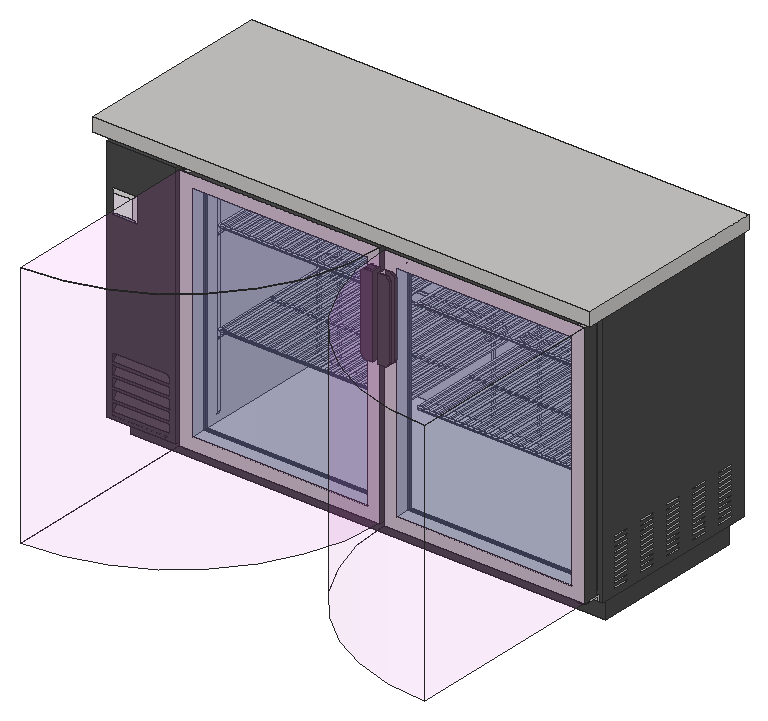
Revit family "QF_Kelvinator_738273_KCHBB60G", category Specialty Equipment, Revit 2021
Family settings
  Round Connector Dimension = Use Diameter
  Part Type = Normal
  Work Plane-Based = No
  Always vertical = Yes
  Cut with Voids When Loaded = No
  Shared = No
  Room Calculation Point = No
Parameters
  Weight in Pounds = 260.145
  Weight = 130.00 lbm
  Watts = 0 W
  Volts = 115 V
  URL Manufacturer = "KELVINATOR"
  URL Cutsheet = ""
  URL = "KELVINATOR"
  Specification by User = ""
  Specification by Manufacturer = ""
  Serial Number = ""
  Seismic Rating = ""
  SMACNA No = ""
  Revision Code = ""
  Refrigerant Type = "R290"
  Phase = 1
  Number of Poles = 1
  NAFEM Spec ID Number = ""
  Model = "KCHBB60G"
  Min Ckt Ampacity = 0 A
  Max Overcurrent Protection = 0 A
  Masterspec = ""
  Manufacturer = "Kelvinator"
  Length Actual = 1551"
  Length = 61 1/16"
  Item Number = "738273"
  Installed By = ""
  Identify Quantity as Lot = yes
  Height Actual = 920"
  Height = 36 1/4"
  HP = "0.4 HP"
  Gas KW = 0
  Furnished By = ""
  Foodservice Equipment Identifier = yes
  FL Amps = 3 A
  Electrical Remarks = ""
  Electric Connection Type = ""
  Elec Conn RI Height = 0"
  Elec Conn Connection Height = 0"
  Description = "2-GLASS DOOR BACK BAR REFRIGERATOR BLACK 61\" LONG"
  Depth Actual = 620"
  Depth = 24 7/16"
  Default Elevation = 0"
  Cycle = 60 Hz
  Conn Plug = "5-15P"
  Conn Conduit = yes
  CSI MasterFormat = ""
  Apparent Power = 0 VA
  Accessory = no
Reference planes (in)
  plane 1 "BACK": y = 0
  plane 2: z = 0
  plane 3 "LEFT": x = 0
  plane 4 "RIGHT": x = 61.0625
  plane 5 "FRONT": y = -24.4375
  plane 6 "TOP": z = 36.25
  plane 7 "Center Y": x = 30.53125
  plane 8 "Center X": y = -12.21875
Dimensions and locks (in)
  equal spacing: plane 3 "LEFT", plane 7 "Center Y", plane 4 "RIGHT"
  "Length": plane 3 "LEFT" to plane 4 "RIGHT"
  equal spacing: plane 5 "FRONT", plane 8 "Center X", plane 1 "BACK"
  "Depth": plane 5 "FRONT" to plane 1 "BACK"
  "Height": plane 6 "TOP" to level
  aligned and locked: level to plane 2
Nested families (in)
  nested 1: "KCHBB48S" at (0, 0, 0), type "KCHBB48S"
    with Show Clearance yes
Connectors (in)
  electrical at (30.53125, -0.715, 2.1875), driven by "Volts", driven by "Watts"
    settings: on nested 1, index 1, voltage 115 V, apparent load 0 VA, apparent load phase1 0 VA, apparent load phase2 0 VA, apparent load phase3 0 VA, power factor 1, load classification "Other", number of poles 1, system type 30, power factor state 1, is connector primary yes, connector utility no, sub classification motor no, connector description ""
Definition of nested family "KCHBB48S"
  Parameters (values of type "KCHBB48S")
    Weight in Pounds = 0
    URL Cutsheet = ""
    Specification by User = ""
    Specification by Manufacturer = ""
    Show Clearance [instance] = yes
    Serial Number = ""
    Seismic Rating = ""
    SMACNA No = ""
    Revision Code = ""
    NAFEM Spec ID Number = ""
    Masterspec = ""
    Length = 61 1/16"
    Item Number = ""
    Installed By = ""
    Identify Quantity as Lot = yes
    Height = 36 1/4"
    Furnished By = ""
    Foodservice Equipment Identifier = yes
    Depth = 24 7/16"
    Default Elevation = 0"
    CSI MasterFormat = ""
  Reference planes (in)
    plane 1 "BACK": y = 0
    plane 2: z = 0
    plane 3 "LEFT": x = 0
    plane 4 "RIGHT": x = 61.0625
    plane 5 "FRONT": y = -24.4375
    plane 6 "TOP": z = 36.25
    plane 7 "Center Y": x = 30.53125
    plane 8 "Center X": y = -12.21875
    plane 9: x = 60.46875
    plane 10: x = 0.59375
    plane 11: x = 59.96875
    plane 12: x = 35.36875
    plane 13: x = 34.86875
    plane 14: x = 10.26875
    plane 15: x = 9.68375
    plane 16: x = 1.18375
    plane 17: z = 2.6875
    plane 18: z = 34.5875
    plane 19: y = -40.8
    plane 20: y = -21.6
    plane 21: x = 1.34375
    plane 22: x = 59.71875
    plane 23: y = -1.34
    plane 24: y = -20.26
    plane 25: z = 33.8375
    plane 26: z = 3.4375
    plane 27: y = -22.1
    plane 28: x = 1.93375
    plane 29: x = 8.93375
    plane 30: x = 10.96025
    plane 31: x = 59.21025
    plane 32: x = 35.68125
    plane 33: x = 34.55625
  Forms (in)
    Extrusion 1, solid
      sketch origin (0.59375, -180, -2.6612) x (0, 0, -1) y (0, -1, 0)
        loop
          line (-5.3487, -180) -> (-5.3487, -158.4) -> (-37.2487, -158.4) -> (-37.2487, -180) -> (-5.3487, -180)
      from 0 to -59.875
    Extrusion 2, solid
      sketch origin (0, 0, 0) x (0, 1, 0) y (0, 0, 1)
        loop
          line (-24.4375, 36.25) -> (-24.4375, 34.5875) -> (0, 34.5875) -> (0, 36.25) -> (-24.4375, 36.25)
      from 0 to 61.0625
    Extrusion 3, solid
      sketch origin (0, -1.34, 0) x (0, 0, -1) y (1, 0, 0)
        loop
          line (-2.6875, 1.34375) -> (0, 1.34375) -> (0, 59.71875) -> (-2.6875, 59.71875) -> (-2.6875, 1.34375)
      from 0 to 18.92
    Extrusion 4, solid
      sketch origin (0, -22.1, 34.5875) x (0, 0, 1) y (1, 0, 0)
        loop
          line (-0.75, 1.18375) -> (-0.75, 9.68375) -> (-31.15, 9.68375) -> (-31.15, 1.18375) -> (-0.75, 1.18375)
      from 0.5 to -1.75
    Extrusion 5, void
      sketch origin (1.93375, -180, 12.66737) x (0, 0, -1) y (0, -1, 0)
        loop
          line (8.97987, -157.025) -> (8.97987, -154.65) -> (1.85487, -154.65) -> (1.85487, -157.025) -> (2.10487, -157.025) -> (2.97987, -156.15) -> (3.22987, -156.15) -> (3.22987, -157.025) -> (3.47987, -157.025) -> (4.35487, -156.15) -> (4.60487, -156.15) -> (4.60487, -157.025) -> (4.85487, -157.025) -> (5.72987, -156.15) -> (5.97987, -156.15) -> (5.97987, -157.025) -> (6.22987, -157.025) -> (7.10487, -156.15) -> (7.35487, -156.15) -> (7.35487, -157.025) -> (7.60487, -157.025) -> (8.47987, -156.15) -> (8.72987, -156.15) -> (8.72987, -157.025) -> (8.97987, -157.025)
      from 0 to -7
    Extrusion 6, solid
      sketch origin (59.96875, -23.85, 3.4375) x (0, 0, 1) y (-1, 0, 0)
        loop
          line (7.375, 51.535) -> (7.375, 57.535)
          arc (7.375, 57.535) -> (7.22855, 57.88855) -> (6.875, 58.035) r 0.5
          line (6.875, 58.035) -> (0.75, 58.035)
          arc (0.75, 58.035) -> (0.39645, 57.88855) -> (0.25, 57.535) r 0.5
          line (0.25, 57.535) -> (0.25, 51.535)
          arc (0.25, 51.535) -> (0.39645, 51.18145) -> (0.75, 51.035) r 0.5
          line (0.75, 51.035) -> (6.875, 51.035)
          arc (6.875, 51.035) -> (7.22855, 51.18145) -> (7.375, 51.535) r 0.5
        loop
          line (7.625, 51.535) -> (7.625, 57.535)
          arc (7.625, 57.535) -> (7.40533, 58.06533) -> (6.875, 58.285) r 0.75
          line (6.875, 58.285) -> (0.75, 58.285)
          arc (0.75, 58.285) -> (0.21967, 58.06533) -> (0, 57.535) r 0.75
          line (0, 57.535) -> (0, 51.535)
          arc (0, 51.535) -> (0.21967, 51.00467) -> (0.75, 50.785) r 0.75
          line (0.75, 50.785) -> (6.875, 50.785)
          arc (6.875, 50.785) -> (7.40533, 51.00467) -> (7.625, 51.535) r 0.75
      from 0 to -0.875
    Blend 7, solid
      base sketch origin (59.96875, -23.85, 3.4375) x (0, 0, 1) y (-1, 0, 0)
        loop
          line (25.18493, 57.65025) -> (22.93493, 57.65025) -> (22.93493, 55.40025) -> (25.18493, 55.40025) -> (25.18493, 57.65025)
      top sketch origin (59.96875, -23.85, 3.4375) x (0, 0, 1) y (-1, 0, 0)
        loop
          line (25.56493, 58.03025) -> (22.55493, 58.03025) -> (22.55493, 55.02025) -> (25.56493, 55.02025) -> (25.56493, 58.03025)
      from 0.21643 to 0
    Extrusion 8, void
      sketch origin (0.59375, -180, -2.6612) x (0, 0, 1) y (0, -1, 0)
        loop
          arc (12.07129, -160.16063) -> (11.91504, -160.00438) -> (11.75879, -160.16063) r 0.15625
          line (11.75879, -160.16063) -> (11.75879, -162.09813)
          arc (11.75879, -162.09813) -> (11.91504, -162.25438) -> (12.07129, -162.09813) r 0.15625
          line (12.07129, -162.09813) -> (12.07129, -160.16063)
        loop
          arc (11.50879, -160.16063) -> (11.35254, -160.00438) -> (11.19629, -160.16063) r 0.15625
          line (11.19629, -160.16063) -> (11.19629, -162.09813)
          arc (11.19629, -162.09813) -> (11.35254, -162.25438) -> (11.50879, -162.09813) r 0.15625
          line (11.50879, -162.09813) -> (11.50879, -160.16063)
        loop
          arc (10.94629, -160.16063) -> (10.79004, -160.00438) -> (10.63379, -160.16063) r 0.15625
          line (10.63379, -160.16063) -> (10.63379, -162.09813)
          arc (10.63379, -162.09813) -> (10.79004, -162.25438) -> (10.94629, -162.09813) r 0.15625
          line (10.94629, -162.09813) -> (10.94629, -160.16063)
        loop
          arc (10.38379, -160.16063) -> (10.22754, -160.00438) -> (10.07129, -160.16063) r 0.15625
          line (10.07129, -160.16063) -> (10.07129, -162.09813)
          arc (10.07129, -162.09813) -> (10.22754, -162.25438) -> (10.38379, -162.09813) r 0.15625
          line (10.38379, -162.09813) -> (10.38379, -160.16063)
        loop
          arc (9.82129, -160.16063) -> (9.66504, -160.00438) -> (9.50879, -160.16063) r 0.15625
          line (9.50879, -160.16063) -> (9.50879, -162.09813)
          arc (9.50879, -162.09813) -> (9.66504, -162.25438) -> (9.82129, -162.09813) r 0.15625
          line (9.82129, -162.09813) -> (9.82129, -160.16063)
        loop
          arc (9.25879, -160.16063) -> (9.10254, -160.00438) -> (8.94629, -160.16063) r 0.15625
          line (8.94629, -160.16063) -> (8.94629, -162.09813)
          arc (8.94629, -162.09813) -> (9.10254, -162.25438) -> (9.25879, -162.09813) r 0.15625
          line (9.25879, -162.09813) -> (9.25879, -160.16063)
        loop
          arc (8.69629, -160.16063) -> (8.54004, -160.00438) -> (8.38379, -160.16063) r 0.15625
          line (8.38379, -160.16063) -> (8.38379, -162.09813)
          arc (8.38379, -162.09813) -> (8.54004, -162.25438) -> (8.69629, -162.09813) r 0.15625
          line (8.69629, -162.09813) -> (8.69629, -160.16063)
        loop
          arc (8.13379, -160.16063) -> (7.97754, -160.00438) -> (7.82129, -160.16063) r 0.15625
          line (7.82129, -160.16063) -> (7.82129, -162.09813)
          arc (7.82129, -162.09813) -> (7.97754, -162.25438) -> (8.13379, -162.09813) r 0.15625
          line (8.13379, -162.09813) -> (8.13379, -160.16063)
        loop
          arc (7.57129, -160.16063) -> (7.41504, -160.00438) -> (7.25879, -160.16063) r 0.15625
          line (7.25879, -160.16063) -> (7.25879, -162.09813)
          arc (7.25879, -162.09813) -> (7.41504, -162.25438) -> (7.57129, -162.09813) r 0.15625
          line (7.57129, -162.09813) -> (7.57129, -160.16063)
        loop
          arc (7.00879, -160.16063) -> (6.85254, -160.00438) -> (6.69629, -160.16063) r 0.15625
          line (6.69629, -160.16063) -> (6.69629, -162.09813)
          arc (6.69629, -162.09813) -> (6.85254, -162.25438) -> (7.00879, -162.09813) r 0.15625
          line (7.00879, -162.09813) -> (7.00879, -160.16063)
        loop
          arc (6.44629, -160.16063) -> (6.29004, -160.00438) -> (6.13379, -160.16063) r 0.15625
          line (6.13379, -160.16063) -> (6.13379, -162.09813)
          arc (6.13379, -162.09813) -> (6.29004, -162.25438) -> (6.44629, -162.09813) r 0.15625
          line (6.44629, -162.09813) -> (6.44629, -160.16063)
        loop
          arc (12.07129, -164.16063) -> (11.91504, -164.00438) -> (11.75879, -164.16063) r 0.15625
          line (11.75879, -164.16063) -> (11.75879, -166.09813)
          arc (11.75879, -166.09813) -> (11.91504, -166.25438) -> (12.07129, -166.09813) r 0.15625
          line (12.07129, -166.09813) -> (12.07129, -164.16063)
        loop
          arc (11.50879, -164.16063) -> (11.35254, -164.00438) -> (11.19629, -164.16063) r 0.15625
          line (11.19629, -164.16063) -> (11.19629, -166.09813)
          arc (11.19629, -166.09813) -> (11.35254, -166.25438) -> (11.50879, -166.09813) r 0.15625
          line (11.50879, -166.09813) -> (11.50879, -164.16063)
        loop
          arc (10.94629, -164.16063) -> (10.79004, -164.00438) -> (10.63379, -164.16063) r 0.15625
          line (10.63379, -164.16063) -> (10.63379, -166.09813)
          arc (10.63379, -166.09813) -> (10.79004, -166.25438) -> (10.94629, -166.09813) r 0.15625
          line (10.94629, -166.09813) -> (10.94629, -164.16063)
        loop
          arc (10.38379, -164.16063) -> (10.22754, -164.00438) -> (10.07129, -164.16063) r 0.15625
          line (10.07129, -164.16063) -> (10.07129, -166.09813)
          arc (10.07129, -166.09813) -> (10.22754, -166.25438) -> (10.38379, -166.09813) r 0.15625
          line (10.38379, -166.09813) -> (10.38379, -164.16063)
        loop
          arc (9.82129, -164.16063) -> (9.66504, -164.00438) -> (9.50879, -164.16063) r 0.15625
          line (9.50879, -164.16063) -> (9.50879, -166.09813)
          arc (9.50879, -166.09813) -> (9.66504, -166.25438) -> (9.82129, -166.09813) r 0.15625
          line (9.82129, -166.09813) -> (9.82129, -164.16063)
        loop
          arc (9.25879, -164.16063) -> (9.10254, -164.00438) -> (8.94629, -164.16063) r 0.15625
          line (8.94629, -164.16063) -> (8.94629, -166.09813)
          arc (8.94629, -166.09813) -> (9.10254, -166.25438) -> (9.25879, -166.09813) r 0.15625
          line (9.25879, -166.09813) -> (9.25879, -164.16063)
        loop
          arc (8.69629, -164.16063) -> (8.54004, -164.00438) -> (8.38379, -164.16063) r 0.15625
          line (8.38379, -164.16063) -> (8.38379, -166.09813)
          arc (8.38379, -166.09813) -> (8.54004, -166.25438) -> (8.69629, -166.09813) r 0.15625
          line (8.69629, -166.09813) -> (8.69629, -164.16063)
        loop
          arc (8.13379, -164.16063) -> (7.97754, -164.00438) -> (7.82129, -164.16063) r 0.15625
          line (7.82129, -164.16063) -> (7.82129, -166.09813)
          arc (7.82129, -166.09813) -> (7.97754, -166.25438) -> (8.13379, -166.09813) r 0.15625
          line (8.13379, -166.09813) -> (8.13379, -164.16063)
        loop
          arc (7.57129, -164.16063) -> (7.41504, -164.00438) -> (7.25879, -164.16063) r 0.15625
          line (7.25879, -164.16063) -> (7.25879, -166.09813)
          arc (7.25879, -166.09813) -> (7.41504, -166.25438) -> (7.57129, -166.09813) r 0.15625
          line (7.57129, -166.09813) -> (7.57129, -164.16063)
        loop
          arc (7.00879, -164.16063) -> (6.85254, -164.00438) -> (6.69629, -164.16063) r 0.15625
          line (6.69629, -164.16063) -> (6.69629, -166.09813)
          arc (6.69629, -166.09813) -> (6.85254, -166.25438) -> (7.00879, -166.09813) r 0.15625
          line (7.00879, -166.09813) -> (7.00879, -164.16063)
        loop
          arc (6.44629, -164.16063) -> (6.29004, -164.00438) -> (6.13379, -164.16063) r 0.15625
          line (6.13379, -164.16063) -> (6.13379, -166.09813)
          arc (6.13379, -166.09813) -> (6.29004, -166.25438) -> (6.44629, -166.09813) r 0.15625
          line (6.44629, -166.09813) -> (6.44629, -164.16063)
        loop
          arc (12.07129, -168.16063) -> (11.91504, -168.00438) -> (11.75879, -168.16063) r 0.15625
          line (11.75879, -168.16063) -> (11.75879, -170.09813)
          arc (11.75879, -170.09813) -> (11.91504, -170.25438) -> (12.07129, -170.09813) r 0.15625
          line (12.07129, -170.09813) -> (12.07129, -168.16063)
        loop
          arc (11.50879, -168.16063) -> (11.35254, -168.00438) -> (11.19629, -168.16063) r 0.15625
          line (11.19629, -168.16063) -> (11.19629, -170.09813)
          arc (11.19629, -170.09813) -> (11.35254, -170.25438) -> (11.50879, -170.09813) r 0.15625
          line (11.50879, -170.09813) -> (11.50879, -168.16063)
        loop
          arc (10.94629, -168.16063) -> (10.79004, -168.00438) -> (10.63379, -168.16063) r 0.15625
          line (10.63379, -168.16063) -> (10.63379, -170.09813)
          arc (10.63379, -170.09813) -> (10.79004, -170.25438) -> (10.94629, -170.09813) r 0.15625
          line (10.94629, -170.09813) -> (10.94629, -168.16063)
        loop
          arc (10.38379, -168.16063) -> (10.22754, -168.00438) -> (10.07129, -168.16063) r 0.15625
          line (10.07129, -168.16063) -> (10.07129, -170.09813)
          arc (10.07129, -170.09813) -> (10.22754, -170.25438) -> (10.38379, -170.09813) r 0.15625
          line (10.38379, -170.09813) -> (10.38379, -168.16063)
        loop
          arc (9.82129, -168.16063) -> (9.66504, -168.00438) -> (9.50879, -168.16063) r 0.15625
          line (9.50879, -168.16063) -> (9.50879, -170.09813)
          arc (9.50879, -170.09813) -> (9.66504, -170.25438) -> (9.82129, -170.09813) r 0.15625
          line (9.82129, -170.09813) -> (9.82129, -168.16063)
        loop
          arc (9.25879, -168.16063) -> (9.10254, -168.00438) -> (8.94629, -168.16063) r 0.15625
          line (8.94629, -168.16063) -> (8.94629, -170.09813)
          arc (8.94629, -170.09813) -> (9.10254, -170.25438) -> (9.25879, -170.09813) r 0.15625
          line (9.25879, -170.09813) -> (9.25879, -168.16063)
        loop
          arc (8.69629, -168.16063) -> (8.54004, -168.00438) -> (8.38379, -168.16063) r 0.15625
          line (8.38379, -168.16063) -> (8.38379, -170.09813)
          arc (8.38379, -170.09813) -> (8.54004, -170.25438) -> (8.69629, -170.09813) r 0.15625
          line (8.69629, -170.09813) -> (8.69629, -168.16063)
        loop
          arc (8.13379, -168.16063) -> (7.97754, -168.00438) -> (7.82129, -168.16063) r 0.15625
          line (7.82129, -168.16063) -> (7.82129, -170.09813)
          arc (7.82129, -170.09813) -> (7.97754, -170.25438) -> (8.13379, -170.09813) r 0.15625
          line (8.13379, -170.09813) -> (8.13379, -168.16063)
        loop
          arc (7.57129, -168.16063) -> (7.41504, -168.00438) -> (7.25879, -168.16063) r 0.15625
          line (7.25879, -168.16063) -> (7.25879, -170.09813)
          arc (7.25879, -170.09813) -> (7.41504, -170.25438) -> (7.57129, -170.09813) r 0.15625
          line (7.57129, -170.09813) -> (7.57129, -168.16063)
        loop
          arc (7.00879, -168.16063) -> (6.85254, -168.00438) -> (6.69629, -168.16063) r 0.15625
          line (6.69629, -168.16063) -> (6.69629, -170.09813)
          arc (6.69629, -170.09813) -> (6.85254, -170.25438) -> (7.00879, -170.09813) r 0.15625
          line (7.00879, -170.09813) -> (7.00879, -168.16063)
        loop
          arc (6.44629, -168.16063) -> (6.29004, -168.00438) -> (6.13379, -168.16063) r 0.15625
          line (6.13379, -168.16063) -> (6.13379, -170.09813)
          arc (6.13379, -170.09813) -> (6.29004, -170.25438) -> (6.44629, -170.09813) r 0.15625
          line (6.44629, -170.09813) -> (6.44629, -168.16063)
        loop
          arc (12.07129, -172.16063) -> (11.91504, -172.00438) -> (11.75879, -172.16063) r 0.15625
          line (11.75879, -172.16063) -> (11.75879, -174.09813)
          arc (11.75879, -174.09813) -> (11.91504, -174.25438) -> (12.07129, -174.09813) r 0.15625
          line (12.07129, -174.09813) -> (12.07129, -172.16063)
        loop
          arc (11.50879, -172.16063) -> (11.35254, -172.00438) -> (11.19629, -172.16063) r 0.15625
          line (11.19629, -172.16063) -> (11.19629, -174.09813)
          arc (11.19629, -174.09813) -> (11.35254, -174.25438) -> (11.50879, -174.09813) r 0.15625
          line (11.50879, -174.09813) -> (11.50879, -172.16063)
        loop
          arc (10.94629, -172.16063) -> (10.79004, -172.00438) -> (10.63379, -172.16063) r 0.15625
          line (10.63379, -172.16063) -> (10.63379, -174.09813)
          arc (10.63379, -174.09813) -> (10.79004, -174.25438) -> (10.94629, -174.09813) r 0.15625
          line (10.94629, -174.09813) -> (10.94629, -172.16063)
        loop
          arc (10.38379, -172.16063) -> (10.22754, -172.00438) -> (10.07129, -172.16063) r 0.15625
          line (10.07129, -172.16063) -> (10.07129, -174.09813)
          arc (10.07129, -174.09813) -> (10.22754, -174.25438) -> (10.38379, -174.09813) r 0.15625
          line (10.38379, -174.09813) -> (10.38379, -172.16063)
        loop
          arc (9.82129, -172.16063) -> (9.66504, -172.00438) -> (9.50879, -172.16063) r 0.15625
          line (9.50879, -172.16063) -> (9.50879, -174.09813)
          arc (9.50879, -174.09813) -> (9.66504, -174.25438) -> (9.82129, -174.09813) r 0.15625
          line (9.82129, -174.09813) -> (9.82129, -172.16063)
        loop
          arc (9.25879, -172.16063) -> (9.10254, -172.00438) -> (8.94629, -172.16063) r 0.15625
          line (8.94629, -172.16063) -> (8.94629, -174.09813)
          arc (8.94629, -174.09813) -> (9.10254, -174.25438) -> (9.25879, -174.09813) r 0.15625
          line (9.25879, -174.09813) -> (9.25879, -172.16063)
        loop
          arc (8.69629, -172.16063) -> (8.54004, -172.00438) -> (8.38379, -172.16063) r 0.15625
          line (8.38379, -172.16063) -> (8.38379, -174.09813)
          arc (8.38379, -174.09813) -> (8.54004, -174.25438) -> (8.69629, -174.09813) r 0.15625
          line (8.69629, -174.09813) -> (8.69629, -172.16063)
        loop
          arc (8.13379, -172.16063) -> (7.97754, -172.00438) -> (7.82129, -172.16063) r 0.15625
          line (7.82129, -172.16063) -> (7.82129, -174.09813)
          arc (7.82129, -174.09813) -> (7.97754, -174.25438) -> (8.13379, -174.09813) r 0.15625
          line (8.13379, -174.09813) -> (8.13379, -172.16063)
        loop
          arc (7.57129, -172.16063) -> (7.41504, -172.00438) -> (7.25879, -172.16063) r 0.15625
          line (7.25879, -172.16063) -> (7.25879, -174.09813)
          arc (7.25879, -174.09813) -> (7.41504, -174.25438) -> (7.57129, -174.09813) r 0.15625
          line (7.57129, -174.09813) -> (7.57129, -172.16063)
        loop
          arc (7.00879, -172.16063) -> (6.85254, -172.00438) -> (6.69629, -172.16063) r 0.15625
          line (6.69629, -172.16063) -> (6.69629, -174.09813)
          arc (6.69629, -174.09813) -> (6.85254, -174.25438) -> (7.00879, -174.09813) r 0.15625
          line (7.00879, -174.09813) -> (7.00879, -172.16063)
        loop
          arc (6.44629, -172.16063) -> (6.29004, -172.00438) -> (6.13379, -172.16063) r 0.15625
          line (6.13379, -172.16063) -> (6.13379, -174.09813)
          arc (6.13379, -174.09813) -> (6.29004, -174.25438) -> (6.44629, -174.09813) r 0.15625
          line (6.44629, -174.09813) -> (6.44629, -172.16063)
        loop
          arc (12.07129, -176.16063) -> (11.91504, -176.00438) -> (11.75879, -176.16063) r 0.15625
          line (11.75879, -176.16063) -> (11.75879, -178.09813)
          arc (11.75879, -178.09813) -> (11.91504, -178.25438) -> (12.07129, -178.09813) r 0.15625
          line (12.07129, -178.09813) -> (12.07129, -176.16063)
        loop
          arc (11.50879, -176.16063) -> (11.35254, -176.00438) -> (11.19629, -176.16063) r 0.15625
          line (11.19629, -176.16063) -> (11.19629, -178.09813)
          arc (11.19629, -178.09813) -> (11.35254, -178.25438) -> (11.50879, -178.09813) r 0.15625
          line (11.50879, -178.09813) -> (11.50879, -176.16063)
        loop
          arc (10.94629, -176.16063) -> (10.79004, -176.00438) -> (10.63379, -176.16063) r 0.15625
          line (10.63379, -176.16063) -> (10.63379, -178.09813)
          arc (10.63379, -178.09813) -> (10.79004, -178.25438) -> (10.94629, -178.09813) r 0.15625
          line (10.94629, -178.09813) -> (10.94629, -176.16063)
        loop
          arc (10.38379, -176.16063) -> (10.22754, -176.00438) -> (10.07129, -176.16063) r 0.15625
          line (10.07129, -176.16063) -> (10.07129, -178.09813)
          arc (10.07129, -178.09813) -> (10.22754, -178.25438) -> (10.38379, -178.09813) r 0.15625
          line (10.38379, -178.09813) -> (10.38379, -176.16063)
        loop
          arc (9.82129, -176.16063) -> (9.66504, -176.00438) -> (9.50879, -176.16063) r 0.15625
          line (9.50879, -176.16063) -> (9.50879, -178.09813)
          arc (9.50879, -178.09813) -> (9.66504, -178.25438) -> (9.82129, -178.09813) r 0.15625
          line (9.82129, -178.09813) -> (9.82129, -176.16063)
        loop
          arc (9.25879, -176.16063) -> (9.10254, -176.00438) -> (8.94629, -176.16063) r 0.15625
          line (8.94629, -176.16063) -> (8.94629, -178.09813)
          arc (8.94629, -178.09813) -> (9.10254, -178.25438) -> (9.25879, -178.09813) r 0.15625
          line (9.25879, -178.09813) -> (9.25879, -176.16063)
        loop
          arc (8.69629, -176.16063) -> (8.54004, -176.00438) -> (8.38379, -176.16063) r 0.15625
          line (8.38379, -176.16063) -> (8.38379, -178.09813)
          arc (8.38379, -178.09813) -> (8.54004, -178.25438) -> (8.69629, -178.09813) r 0.15625
          line (8.69629, -178.09813) -> (8.69629, -176.16063)
        loop
          arc (8.13379, -176.16063) -> (7.97754, -176.00438) -> (7.82129, -176.16063) r 0.15625
          line (7.82129, -176.16063) -> (7.82129, -178.09813)
          arc (7.82129, -178.09813) -> (7.97754, -178.25438) -> (8.13379, -178.09813) r 0.15625
          line (8.13379, -178.09813) -> (8.13379, -176.16063)
        loop
          arc (7.57129, -176.16063) -> (7.41504, -176.00438) -> (7.25879, -176.16063) r 0.15625
          line (7.25879, -176.16063) -> (7.25879, -178.09813)
          arc (7.25879, -178.09813) -> (7.41504, -178.25438) -> (7.57129, -178.09813) r 0.15625
          line (7.57129, -178.09813) -> (7.57129, -176.16063)
        loop
          arc (7.00879, -176.16063) -> (6.85254, -176.00438) -> (6.69629, -176.16063) r 0.15625
          line (6.69629, -176.16063) -> (6.69629, -178.09813)
          arc (6.69629, -178.09813) -> (6.85254, -178.25438) -> (7.00879, -178.09813) r 0.15625
          line (7.00879, -178.09813) -> (7.00879, -176.16063)
        loop
          arc (6.44629, -176.16063) -> (6.29004, -176.00438) -> (6.13379, -176.16063) r 0.15625
          line (6.13379, -176.16063) -> (6.13379, -178.09813)
          arc (6.13379, -178.09813) -> (6.29004, -178.25438) -> (6.44629, -178.09813) r 0.15625
          line (6.44629, -178.09813) -> (6.44629, -176.16063)
      from 0 to 0.03
    Extrusion 9, void
      sketch origin (60.46875, -180, -2.6612) x (0, 0, -1) y (0, -1, 0)
        loop
          line (-12.07129, -160.16063) -> (-12.07129, -162.09813)
          arc (-12.07129, -162.09813) -> (-11.91504, -162.25438) -> (-11.75879, -162.09813) r 0.15625
          line (-11.75879, -162.09813) -> (-11.75879, -160.16063)
          arc (-11.75879, -160.16063) -> (-11.91504, -160.00438) -> (-12.07129, -160.16063) r 0.15625
        loop
          line (-11.50879, -160.16063) -> (-11.50879, -162.09813)
          arc (-11.50879, -162.09813) -> (-11.35254, -162.25438) -> (-11.19629, -162.09813) r 0.15625
          line (-11.19629, -162.09813) -> (-11.19629, -160.16063)
          arc (-11.19629, -160.16063) -> (-11.35254, -160.00438) -> (-11.50879, -160.16063) r 0.15625
        loop
          line (-10.94629, -160.16063) -> (-10.94629, -162.09813)
          arc (-10.94629, -162.09813) -> (-10.79004, -162.25438) -> (-10.63379, -162.09813) r 0.15625
          line (-10.63379, -162.09813) -> (-10.63379, -160.16063)
          arc (-10.63379, -160.16063) -> (-10.79004, -160.00438) -> (-10.94629, -160.16063) r 0.15625
        loop
          line (-10.38379, -160.16063) -> (-10.38379, -162.09813)
          arc (-10.38379, -162.09813) -> (-10.22754, -162.25438) -> (-10.07129, -162.09813) r 0.15625
          line (-10.07129, -162.09813) -> (-10.07129, -160.16063)
          arc (-10.07129, -160.16063) -> (-10.22754, -160.00438) -> (-10.38379, -160.16063) r 0.15625
        loop
          line (-9.82129, -160.16063) -> (-9.82129, -162.09813)
          arc (-9.82129, -162.09813) -> (-9.66504, -162.25438) -> (-9.50879, -162.09813) r 0.15625
          line (-9.50879, -162.09813) -> (-9.50879, -160.16063)
          arc (-9.50879, -160.16063) -> (-9.66504, -160.00438) -> (-9.82129, -160.16063) r 0.15625
        loop
          line (-9.25879, -160.16063) -> (-9.25879, -162.09813)
          arc (-9.25879, -162.09813) -> (-9.10254, -162.25438) -> (-8.94629, -162.09813) r 0.15625
          line (-8.94629, -162.09813) -> (-8.94629, -160.16063)
          arc (-8.94629, -160.16063) -> (-9.10254, -160.00438) -> (-9.25879, -160.16063) r 0.15625
        loop
          line (-8.69629, -160.16063) -> (-8.69629, -162.09813)
          arc (-8.69629, -162.09813) -> (-8.54004, -162.25438) -> (-8.38379, -162.09813) r 0.15625
          line (-8.38379, -162.09813) -> (-8.38379, -160.16063)
          arc (-8.38379, -160.16063) -> (-8.54004, -160.00438) -> (-8.69629, -160.16063) r 0.15625
        loop
          line (-8.13379, -160.16063) -> (-8.13379, -162.09813)
          arc (-8.13379, -162.09813) -> (-7.97754, -162.25438) -> (-7.82129, -162.09813) r 0.15625
          line (-7.82129, -162.09813) -> (-7.82129, -160.16063)
          arc (-7.82129, -160.16063) -> (-7.97754, -160.00438) -> (-8.13379, -160.16063) r 0.15625
        loop
          line (-7.57129, -160.16063) -> (-7.57129, -162.09813)
          arc (-7.57129, -162.09813) -> (-7.41504, -162.25438) -> (-7.25879, -162.09813) r 0.15625
          line (-7.25879, -162.09813) -> (-7.25879, -160.16063)
          arc (-7.25879, -160.16063) -> (-7.41504, -160.00438) -> (-7.57129, -160.16063) r 0.15625
        loop
          line (-7.00879, -160.16063) -> (-7.00879, -162.09813)
          arc (-7.00879, -162.09813) -> (-6.85254, -162.25438) -> (-6.69629, -162.09813) r 0.15625
          line (-6.69629, -162.09813) -> (-6.69629, -160.16063)
          arc (-6.69629, -160.16063) -> (-6.85254, -160.00438) -> (-7.00879, -160.16063) r 0.15625
        loop
          line (-6.44629, -160.16063) -> (-6.44629, -162.09813)
          arc (-6.44629, -162.09813) -> (-6.29004, -162.25438) -> (-6.13379, -162.09813) r 0.15625
          line (-6.13379, -162.09813) -> (-6.13379, -160.16063)
          arc (-6.13379, -160.16063) -> (-6.29004, -160.00438) -> (-6.44629, -160.16063) r 0.15625
        loop
          line (-12.07129, -164.16063) -> (-12.07129, -166.09813)
          arc (-12.07129, -166.09813) -> (-11.91504, -166.25438) -> (-11.75879, -166.09813) r 0.15625
          line (-11.75879, -166.09813) -> (-11.75879, -164.16063)
          arc (-11.75879, -164.16063) -> (-11.91504, -164.00438) -> (-12.07129, -164.16063) r 0.15625
        loop
          line (-11.50879, -164.16063) -> (-11.50879, -166.09813)
          arc (-11.50879, -166.09813) -> (-11.35254, -166.25438) -> (-11.19629, -166.09813) r 0.15625
          line (-11.19629, -166.09813) -> (-11.19629, -164.16063)
          arc (-11.19629, -164.16063) -> (-11.35254, -164.00438) -> (-11.50879, -164.16063) r 0.15625
        loop
          line (-10.94629, -164.16063) -> (-10.94629, -166.09813)
          arc (-10.94629, -166.09813) -> (-10.79004, -166.25438) -> (-10.63379, -166.09813) r 0.15625
          line (-10.63379, -166.09813) -> (-10.63379, -164.16063)
          arc (-10.63379, -164.16063) -> (-10.79004, -164.00438) -> (-10.94629, -164.16063) r 0.15625
        loop
          line (-10.38379, -164.16063) -> (-10.38379, -166.09813)
          arc (-10.38379, -166.09813) -> (-10.22754, -166.25438) -> (-10.07129, -166.09813) r 0.15625
          line (-10.07129, -166.09813) -> (-10.07129, -164.16063)
          arc (-10.07129, -164.16063) -> (-10.22754, -164.00438) -> (-10.38379, -164.16063) r 0.15625
        loop
          line (-9.82129, -164.16063) -> (-9.82129, -166.09813)
          arc (-9.82129, -166.09813) -> (-9.66504, -166.25438) -> (-9.50879, -166.09813) r 0.15625
          line (-9.50879, -166.09813) -> (-9.50879, -164.16063)
          arc (-9.50879, -164.16063) -> (-9.66504, -164.00438) -> (-9.82129, -164.16063) r 0.15625
        loop
          line (-9.25879, -164.16063) -> (-9.25879, -166.09813)
          arc (-9.25879, -166.09813) -> (-9.10254, -166.25438) -> (-8.94629, -166.09813) r 0.15625
          line (-8.94629, -166.09813) -> (-8.94629, -164.16063)
          arc (-8.94629, -164.16063) -> (-9.10254, -164.00438) -> (-9.25879, -164.16063) r 0.15625
        loop
          line (-8.69629, -164.16063) -> (-8.69629, -166.09813)
          arc (-8.69629, -166.09813) -> (-8.54004, -166.25438) -> (-8.38379, -166.09813) r 0.15625
          line (-8.38379, -166.09813) -> (-8.38379, -164.16063)
          arc (-8.38379, -164.16063) -> (-8.54004, -164.00438) -> (-8.69629, -164.16063) r 0.15625
        loop
          line (-8.13379, -164.16063) -> (-8.13379, -166.09813)
          arc (-8.13379, -166.09813) -> (-7.97754, -166.25438) -> (-7.82129, -166.09813) r 0.15625
          line (-7.82129, -166.09813) -> (-7.82129, -164.16063)
          arc (-7.82129, -164.16063) -> (-7.97754, -164.00438) -> (-8.13379, -164.16063) r 0.15625
        loop
          line (-7.57129, -164.16063) -> (-7.57129, -166.09813)
          arc (-7.57129, -166.09813) -> (-7.41504, -166.25438) -> (-7.25879, -166.09813) r 0.15625
          line (-7.25879, -166.09813) -> (-7.25879, -164.16063)
          arc (-7.25879, -164.16063) -> (-7.41504, -164.00438) -> (-7.57129, -164.16063) r 0.15625
        loop
          line (-7.00879, -164.16063) -> (-7.00879, -166.09813)
          arc (-7.00879, -166.09813) -> (-6.85254, -166.25438) -> (-6.69629, -166.09813) r 0.15625
          line (-6.69629, -166.09813) -> (-6.69629, -164.16063)
          arc (-6.69629, -164.16063) -> (-6.85254, -164.00438) -> (-7.00879, -164.16063) r 0.15625
        loop
          line (-6.44629, -164.16063) -> (-6.44629, -166.09813)
          arc (-6.44629, -166.09813) -> (-6.29004, -166.25438) -> (-6.13379, -166.09813) r 0.15625
          line (-6.13379, -166.09813) -> (-6.13379, -164.16063)
          arc (-6.13379, -164.16063) -> (-6.29004, -164.00438) -> (-6.44629, -164.16063) r 0.15625
        loop
          line (-12.07129, -168.16063) -> (-12.07129, -170.09813)
          arc (-12.07129, -170.09813) -> (-11.91504, -170.25438) -> (-11.75879, -170.09813) r 0.15625
          line (-11.75879, -170.09813) -> (-11.75879, -168.16063)
          arc (-11.75879, -168.16063) -> (-11.91504, -168.00438) -> (-12.07129, -168.16063) r 0.15625
        loop
          line (-11.50879, -168.16063) -> (-11.50879, -170.09813)
          arc (-11.50879, -170.09813) -> (-11.35254, -170.25438) -> (-11.19629, -170.09813) r 0.15625
          line (-11.19629, -170.09813) -> (-11.19629, -168.16063)
          arc (-11.19629, -168.16063) -> (-11.35254, -168.00438) -> (-11.50879, -168.16063) r 0.15625
        loop
          line (-10.94629, -168.16063) -> (-10.94629, -170.09813)
          arc (-10.94629, -170.09813) -> (-10.79004, -170.25438) -> (-10.63379, -170.09813) r 0.15625
          line (-10.63379, -170.09813) -> (-10.63379, -168.16063)
          arc (-10.63379, -168.16063) -> (-10.79004, -168.00438) -> (-10.94629, -168.16063) r 0.15625
        loop
          line (-10.38379, -168.16063) -> (-10.38379, -170.09813)
          arc (-10.38379, -170.09813) -> (-10.22754, -170.25438) -> (-10.07129, -170.09813) r 0.15625
          line (-10.07129, -170.09813) -> (-10.07129, -168.16063)
          arc (-10.07129, -168.16063) -> (-10.22754, -168.00438) -> (-10.38379, -168.16063) r 0.15625
        loop
          line (-9.82129, -168.16063) -> (-9.82129, -170.09813)
          arc (-9.82129, -170.09813) -> (-9.66504, -170.25438) -> (-9.50879, -170.09813) r 0.15625
          line (-9.50879, -170.09813) -> (-9.50879, -168.16063)
          arc (-9.50879, -168.16063) -> (-9.66504, -168.00438) -> (-9.82129, -168.16063) r 0.15625
        loop
          line (-9.25879, -168.16063) -> (-9.25879, -170.09813)
          arc (-9.25879, -170.09813) -> (-9.10254, -170.25438) -> (-8.94629, -170.09813) r 0.15625
          line (-8.94629, -170.09813) -> (-8.94629, -168.16063)
          arc (-8.94629, -168.16063) -> (-9.10254, -168.00438) -> (-9.25879, -168.16063) r 0.15625
        loop
          line (-8.69629, -168.16063) -> (-8.69629, -170.09813)
          arc (-8.69629, -170.09813) -> (-8.54004, -170.25438) -> (-8.38379, -170.09813) r 0.15625
          line (-8.38379, -170.09813) -> (-8.38379, -168.16063)
          arc (-8.38379, -168.16063) -> (-8.54004, -168.00438) -> (-8.69629, -168.16063) r 0.15625
        loop
          line (-8.13379, -168.16063) -> (-8.13379, -170.09813)
          arc (-8.13379, -170.09813) -> (-7.97754, -170.25438) -> (-7.82129, -170.09813) r 0.15625
          line (-7.82129, -170.09813) -> (-7.82129, -168.16063)
          arc (-7.82129, -168.16063) -> (-7.97754, -168.00438) -> (-8.13379, -168.16063) r 0.15625
        loop
          line (-7.57129, -168.16063) -> (-7.57129, -170.09813)
          arc (-7.57129, -170.09813) -> (-7.41504, -170.25438) -> (-7.25879, -170.09813) r 0.15625
          line (-7.25879, -170.09813) -> (-7.25879, -168.16063)
          arc (-7.25879, -168.16063) -> (-7.41504, -168.00438) -> (-7.57129, -168.16063) r 0.15625
        loop
          line (-7.00879, -168.16063) -> (-7.00879, -170.09813)
          arc (-7.00879, -170.09813) -> (-6.85254, -170.25438) -> (-6.69629, -170.09813) r 0.15625
          line (-6.69629, -170.09813) -> (-6.69629, -168.16063)
          arc (-6.69629, -168.16063) -> (-6.85254, -168.00438) -> (-7.00879, -168.16063) r 0.15625
        loop
          line (-6.44629, -168.16063) -> (-6.44629, -170.09813)
          arc (-6.44629, -170.09813) -> (-6.29004, -170.25438) -> (-6.13379, -170.09813) r 0.15625
          line (-6.13379, -170.09813) -> (-6.13379, -168.16063)
          arc (-6.13379, -168.16063) -> (-6.29004, -168.00438) -> (-6.44629, -168.16063) r 0.15625
        loop
          line (-12.07129, -172.16063) -> (-12.07129, -174.09813)
          arc (-12.07129, -174.09813) -> (-11.91504, -174.25438) -> (-11.75879, -174.09813) r 0.15625
          line (-11.75879, -174.09813) -> (-11.75879, -172.16063)
          arc (-11.75879, -172.16063) -> (-11.91504, -172.00438) -> (-12.07129, -172.16063) r 0.15625
        loop
          line (-11.50879, -172.16063) -> (-11.50879, -174.09813)
          arc (-11.50879, -174.09813) -> (-11.35254, -174.25438) -> (-11.19629, -174.09813) r 0.15625
          line (-11.19629, -174.09813) -> (-11.19629, -172.16063)
          arc (-11.19629, -172.16063) -> (-11.35254, -172.00438) -> (-11.50879, -172.16063) r 0.15625
        loop
          line (-10.94629, -172.16063) -> (-10.94629, -174.09813)
          arc (-10.94629, -174.09813) -> (-10.79004, -174.25438) -> (-10.63379, -174.09813) r 0.15625
          line (-10.63379, -174.09813) -> (-10.63379, -172.16063)
          arc (-10.63379, -172.16063) -> (-10.79004, -172.00438) -> (-10.94629, -172.16063) r 0.15625
        loop
          line (-10.38379, -172.16063) -> (-10.38379, -174.09813)
          arc (-10.38379, -174.09813) -> (-10.22754, -174.25438) -> (-10.07129, -174.09813) r 0.15625
          line (-10.07129, -174.09813) -> (-10.07129, -172.16063)
          arc (-10.07129, -172.16063) -> (-10.22754, -172.00438) -> (-10.38379, -172.16063) r 0.15625
        loop
          line (-9.82129, -172.16063) -> (-9.82129, -174.09813)
          arc (-9.82129, -174.09813) -> (-9.66504, -174.25438) -> (-9.50879, -174.09813) r 0.15625
          line (-9.50879, -174.09813) -> (-9.50879, -172.16063)
          arc (-9.50879, -172.16063) -> (-9.66504, -172.00438) -> (-9.82129, -172.16063) r 0.15625
        loop
          line (-9.25879, -172.16063) -> (-9.25879, -174.09813)
          arc (-9.25879, -174.09813) -> (-9.10254, -174.25438) -> (-8.94629, -174.09813) r 0.15625
          line (-8.94629, -174.09813) -> (-8.94629, -172.16063)
          arc (-8.94629, -172.16063) -> (-9.10254, -172.00438) -> (-9.25879, -172.16063) r 0.15625
        loop
          line (-8.69629, -172.16063) -> (-8.69629, -174.09813)
          arc (-8.69629, -174.09813) -> (-8.54004, -174.25438) -> (-8.38379, -174.09813) r 0.15625
          line (-8.38379, -174.09813) -> (-8.38379, -172.16063)
          arc (-8.38379, -172.16063) -> (-8.54004, -172.00438) -> (-8.69629, -172.16063) r 0.15625
        loop
          line (-8.13379, -172.16063) -> (-8.13379, -174.09813)
          arc (-8.13379, -174.09813) -> (-7.97754, -174.25438) -> (-7.82129, -174.09813) r 0.15625
          line (-7.82129, -174.09813) -> (-7.82129, -172.16063)
          arc (-7.82129, -172.16063) -> (-7.97754, -172.00438) -> (-8.13379, -172.16063) r 0.15625
        loop
          line (-7.57129, -172.16063) -> (-7.57129, -174.09813)
          arc (-7.57129, -174.09813) -> (-7.41504, -174.25438) -> (-7.25879, -174.09813) r 0.15625
          line (-7.25879, -174.09813) -> (-7.25879, -172.16063)
          arc (-7.25879, -172.16063) -> (-7.41504, -172.00438) -> (-7.57129, -172.16063) r 0.15625
        loop
          line (-7.00879, -172.16063) -> (-7.00879, -174.09813)
          arc (-7.00879, -174.09813) -> (-6.85254, -174.25438) -> (-6.69629, -174.09813) r 0.15625
          line (-6.69629, -174.09813) -> (-6.69629, -172.16063)
          arc (-6.69629, -172.16063) -> (-6.85254, -172.00438) -> (-7.00879, -172.16063) r 0.15625
        loop
          line (-6.44629, -172.16063) -> (-6.44629, -174.09813)
          arc (-6.44629, -174.09813) -> (-6.29004, -174.25438) -> (-6.13379, -174.09813) r 0.15625
          line (-6.13379, -174.09813) -> (-6.13379, -172.16063)
          arc (-6.13379, -172.16063) -> (-6.29004, -172.00438) -> (-6.44629, -172.16063) r 0.15625
        loop
          line (-12.07129, -176.16063) -> (-12.07129, -178.09813)
          arc (-12.07129, -178.09813) -> (-11.91504, -178.25438) -> (-11.75879, -178.09813) r 0.15625
          line (-11.75879, -178.09813) -> (-11.75879, -176.16063)
          arc (-11.75879, -176.16063) -> (-11.91504, -176.00438) -> (-12.07129, -176.16063) r 0.15625
        loop
          line (-11.50879, -176.16063) -> (-11.50879, -178.09813)
          arc (-11.50879, -178.09813) -> (-11.35254, -178.25438) -> (-11.19629, -178.09813) r 0.15625
          line (-11.19629, -178.09813) -> (-11.19629, -176.16063)
          arc (-11.19629, -176.16063) -> (-11.35254, -176.00438) -> (-11.50879, -176.16063) r 0.15625
        loop
          line (-10.94629, -176.16063) -> (-10.94629, -178.09813)
          arc (-10.94629, -178.09813) -> (-10.79004, -178.25438) -> (-10.63379, -178.09813) r 0.15625
          line (-10.63379, -178.09813) -> (-10.63379, -176.16063)
          arc (-10.63379, -176.16063) -> (-10.79004, -176.00438) -> (-10.94629, -176.16063) r 0.15625
        loop
          line (-10.38379, -176.16063) -> (-10.38379, -178.09813)
          arc (-10.38379, -178.09813) -> (-10.22754, -178.25438) -> (-10.07129, -178.09813) r 0.15625
          line (-10.07129, -178.09813) -> (-10.07129, -176.16063)
          arc (-10.07129, -176.16063) -> (-10.22754, -176.00438) -> (-10.38379, -176.16063) r 0.15625
        loop
          line (-9.82129, -176.16063) -> (-9.82129, -178.09813)
          arc (-9.82129, -178.09813) -> (-9.66504, -178.25438) -> (-9.50879, -178.09813) r 0.15625
          line (-9.50879, -178.09813) -> (-9.50879, -176.16063)
          arc (-9.50879, -176.16063) -> (-9.66504, -176.00438) -> (-9.82129, -176.16063) r 0.15625
        loop
          line (-9.25879, -176.16063) -> (-9.25879, -178.09813)
          arc (-9.25879, -178.09813) -> (-9.10254, -178.25438) -> (-8.94629, -178.09813) r 0.15625
          line (-8.94629, -178.09813) -> (-8.94629, -176.16063)
          arc (-8.94629, -176.16063) -> (-9.10254, -176.00438) -> (-9.25879, -176.16063) r 0.15625
        loop
          line (-8.69629, -176.16063) -> (-8.69629, -178.09813)
          arc (-8.69629, -178.09813) -> (-8.54004, -178.25438) -> (-8.38379, -178.09813) r 0.15625
          line (-8.38379, -178.09813) -> (-8.38379, -176.16063)
          arc (-8.38379, -176.16063) -> (-8.54004, -176.00438) -> (-8.69629, -176.16063) r 0.15625
        loop
          line (-8.13379, -176.16063) -> (-8.13379, -178.09813)
          arc (-8.13379, -178.09813) -> (-7.97754, -178.25438) -> (-7.82129, -178.09813) r 0.15625
          line (-7.82129, -178.09813) -> (-7.82129, -176.16063)
          arc (-7.82129, -176.16063) -> (-7.97754, -176.00438) -> (-8.13379, -176.16063) r 0.15625
        loop
          line (-7.57129, -176.16063) -> (-7.57129, -178.09813)
          arc (-7.57129, -178.09813) -> (-7.41504, -178.25438) -> (-7.25879, -178.09813) r 0.15625
          line (-7.25879, -178.09813) -> (-7.25879, -176.16063)
          arc (-7.25879, -176.16063) -> (-7.41504, -176.00438) -> (-7.57129, -176.16063) r 0.15625
        loop
          line (-7.00879, -176.16063) -> (-7.00879, -178.09813)
          arc (-7.00879, -178.09813) -> (-6.85254, -178.25438) -> (-6.69629, -178.09813) r 0.15625
          line (-6.69629, -178.09813) -> (-6.69629, -176.16063)
          arc (-6.69629, -176.16063) -> (-6.85254, -176.00438) -> (-7.00879, -176.16063) r 0.15625
        loop
          line (-6.44629, -176.16063) -> (-6.44629, -178.09813)
          arc (-6.44629, -178.09813) -> (-6.29004, -178.25438) -> (-6.13379, -178.09813) r 0.15625
          line (-6.13379, -178.09813) -> (-6.13379, -176.16063)
          arc (-6.13379, -176.16063) -> (-6.29004, -176.00438) -> (-6.44629, -176.16063) r 0.15625
      from 0 to 0.03
    Extrusion 10, void
      sketch origin (10.96025, -180, 33.14145) x (0, 0, 1) y (0, -1, 0)
        loop
          line (-0.05395, -158.4) -> (-28.99145, -158.4) -> (-28.99145, -176.9) -> (-0.05395, -176.9) -> (-0.05395, -158.4)
      from 0 to 48.25
    Extrusion 11, solid
      sketch origin (-5.40625, -21.6, 2.6875) x (0, 0, 1) y (-1, 0, 0)
        loop
          line (31.9, -39.9625) -> (0.75, -39.9625) -> (0.75, -41.0875) -> (31.9, -41.0875) -> (31.9, -39.9625)
      from 0 to -0.38658
    Extrusion 12, solid
      sketch origin (0.59375, 0, 2.6875) x (-1, 0, 0) y (0, 1, 0)
        loop
          circle (-29.9375, -0.715) r 0.25
      from 0 to 0.5
  Cuts and joins
    Extrusion 5, Extrusion 10 cuts Extrusion 4
    Extrusion 10 cuts Extrusion 6
    joined: Extrusion 4, Extrusion 6
    Extrusion 8, Extrusion 9, Extrusion 10 cuts Extrusion 1
    joined: Extrusion 1, Extrusion 11
  Lines and regions (in)
    Split face 1
      outline origin (3.4435, -24.06643, 28.62243) x (1, 0, 0) y (0, 0.49491, 0.868944)
        loop
          line (-1.21875, 0.43731) -> (-0.97039, 0.18895) -> (0.97039, 0.18895) -> (1.21875, 0.43731)
    Split face 2
      outline origin (2.3185, -24.06643, 27.49743) x (0, 0, 1) y (-0.868944, 0.49491, 0)
        loop
          line (1.18615, 0.43731) -> (0.93617, 0.18733) -> (-0.93617, 0.18733) -> (-1.18615, 0.43731)
    Split face 3
      outline origin (4.5685, -24.06643, 27.49743) x (0, 0, -1) y (0.868944, 0.49491, 0)
        loop
          line (-1.19007, 0.43731) -> (-0.98384, 0.15014) -> (0.98384, 0.15014) -> (1.19007, 0.43731)
    Split face 4
      outline origin (3.4435, -24.06643, 26.37243) x (-1, 0, 0) y (0, 0.49491, -0.868944)
        loop
          line (1.22528, 0.43731) -> (0.97787, 0.1899) -> (-0.97787, 0.1899) -> (-1.22528, 0.43731)
    Split face 5
      outline origin (59.96875, -24.06643, 3.4375) x (0, 0, 1) y (-1, 0, 0)
        loop
          line (24.38945, 57.65025) -> (24.38945, 55.40025)
    Split face 6
      outline origin (59.96875, -24.06643, 3.4375) x (0, 0, 1) y (-1, 0, 0)
        loop
          line (24.25741, 56.81122) -> (23.12376, 56.81122) -> (23.12376, 56.18607) -> (24.25741, 56.18607) -> (24.25741, 56.81122)
    Split face 7
      outline origin (59.96875, -24.06643, 3.4375) x (0, 0, 1) y (-1, 0, 0)
        loop
          line (24.19741, 56.24607) -> (24.19741, 56.75122) -> (23.18376, 56.75122) -> (23.18376, 56.24607) -> (24.19741, 56.24607)
    symbolic lines
      curve 1: line (61.0625, 0, 0) -> (0, 0, 0)
      curve 2: line (0, 0, 0) -> (0, -24.4375, 0)
      curve 3: line (0, -24.4375, 0) -> (61.0625, -24.4375, 0)
      curve 4: line (61.0625, -24.4375, 0) -> (61.0625, 0, 0)
  Dimensions and locks (in)
    equal spacing: plane 3 "LEFT", plane 7 "Center Y", plane 4 "RIGHT"
    "Length": plane 3 "LEFT" to plane 4 "RIGHT"
    equal spacing: plane 5 "FRONT", plane 8 "Center X", plane 1 "BACK"
    "Depth": plane 5 "FRONT" to plane 1 "BACK"
    "Height": plane 6 "TOP" to level
    plane 10 to plane 9 = 59 7/8"
    plane 4 "RIGHT" to plane 3 "LEFT" = 61 1/16"
    plane 6 "TOP" to plane 17 = 33 9/16"
    plane 19 to plane 1 "BACK" = 40.8"
    plane 5 "FRONT" to plane 1 "BACK" = 24 7/16"
    plane 20 to plane 1 "BACK" = 21.6"
    plane 12 to plane 11 = 24.6"
    plane 14 to plane 13 = 24.6"
    locked: plane 3 "LEFT" to plane 30 at 10.96025
    plane 16 to plane 15 = 8 1/2"
    locked: plane 3 "LEFT" to plane 16 at 1.18375
    locked: plane 9 to plane 4 "RIGHT" at 0.59375
    locked: plane 11 to plane 4 "RIGHT" at 1.09375
    locked: plane 4 "RIGHT" to plane 22 at 1.34375
    locked: plane 15 to plane 30 at 1.2765
    locked: plane 31 to plane 4 "RIGHT" at 1.85225
    aligned and locked: level to plane 2
    aligned and locked: Extrusion 2 to plane 4 "RIGHT"
    aligned and locked: cut or joined group of Extrusion 1, Extrusion 8, Extrusion 9, Extrusion 10, Extrusion 11 to plane 9
    aligned and locked: nested 2 to plane 11
    aligned and locked: plane 22 to Extrusion 3
    aligned and locked: cut or joined group of Extrusion 1, Extrusion 8, Extrusion 9, Extrusion 10, Extrusion 11 to plane 31
  Automatic sketch dimensions
    plane 1 "BACK" to curve 1 = 0"
    curve 1 to plane 3 "LEFT" = 0"
    curve 3 to plane 4 "RIGHT" = 0"
    plane 5 "FRONT" to curve 3 = 0"
    Extrusion 1 sketch curve to plane 1 "BACK" = 0"
    plane 18 to Extrusion 1 sketch curve = 0"
    plane 17 to Extrusion 1 sketch curve = 0"
    Extrusion 1 sketch curve to plane 20 = 0"
    Extrusion 2 sketch curve to plane 5 "FRONT" = 0"
    Extrusion 2 sketch curve to plane 1 "BACK" = 0"
    plane 18 to Extrusion 2 sketch curve = 0"
    Extrusion 2 sketch curve to plane 6 "TOP" = 0"
    Extrusion 3 sketch curve to plane 17 = 0"
    Extrusion 3 sketch curve to level = 0"
    plane 21 to Extrusion 3 sketch curve = 0"
    Extrusion 3 sketch curve to plane 22 = 0"
    plane 16 to Extrusion 4 sketch curve = 0"
    Extrusion 4 sketch curve to plane 26 = 0"
    Extrusion 4 sketch curve to plane 25 = 0"
    plane 15 to Extrusion 4 sketch curve = 0"
    plane 5 "FRONT" to Extrusion 5 sketch curve = 0.9125"
    Extrusion 5 sketch curve to plane 26 = 7 3/8"
    Extrusion 5 sketch curve to plane 27 = 7/8"  (x6)
    Extrusion 5 sketch curve to Extrusion 5 sketch curve = 1/4"  (x10)
    Extrusion 5 sketch curve to plane 5 "FRONT" = 0.5875"  (x5)
    Extrusion 5 sketch curve to Extrusion 5 sketch curve = 7/8"
    Extrusion 5 sketch curve to Extrusion 5 sketch curve = 1 1/8"  (x3)
    Extrusion 5 sketch curve to plane 26 = 3/4"
    Extrusion 5 sketch curve to plane 26 = 1/4"
    Extrusion 6 sketch curve to Extrusion 6 sketch curve = 0"  (x8)
    Extrusion 6 sketch curve to plane 26 = 0"
    plane 29 to Extrusion 6 sketch curve = 0"
    Extrusion 6 sketch curve to plane 28 = 0"
    Extrusion 6 sketch curve to plane 26 = 1/4"
    Extrusion 6 sketch curve to Extrusion 6 sketch curve = 1/2"  (x3)
    plane 29 to Extrusion 6 sketch curve = 1/2"
    Extrusion 6 sketch curve to Extrusion 6 sketch curve = 6 1/8"
    plane 28 to Blend 7 sketch curve = 0.38475"
    plane 25 to Blend 7 sketch curve = 7.46507"
    Blend 7 sketch curve to Blend 7 sketch curve = 2 1/4"  (x2)
    plane 28 to Blend 7 sketch curve = 0.00475"
    plane 25 to Blend 7 sketch curve = 7.84507"
    Blend 7 sketch curve to Blend 7 sketch curve = 3.01"  (x2)
    Extrusion 1 to Extrusion 8 sketch curve = 0.78509"  (x5)
    Extrusion 8 sketch curve to Extrusion 8 sketch curve = 5/32"  (x55)
    Extrusion 8 sketch curve to Extrusion 8 sketch curve = 1/4"  (x50)
    Extrusion 1 to Extrusion 8 sketch curve = 1.90187"  (x2)
    Extrusion 8 sketch curve to Extrusion 8 sketch curve = 0"  (x94)
    Extrusion 8 sketch curve to Extrusion 8 sketch curve = 1 15/16"  (x4)
    Extrusion 8 sketch curve to Extrusion 8 sketch curve = 2 1/16"  (x9)
    Extrusion 1 to Extrusion 8 sketch curve = 1.76063"
    Blend 7 to Split face 1 sketch curve = 0"  (x2)
    Split face 1 sketch curve to Blend 7 = 0.21607"
    Split face 1 sketch curve to Split face 1 sketch curve = 0.24836"  (x2)
    Blend 7 to Split face 1 sketch curve = 0.18895"
    Split face 1 sketch curve to Split face 1 sketch curve = 1.94078"
    Split face 2 sketch curve to Blend 7 = 0"  (x2)
    Split face 2 sketch curve to Blend 7 = 0.24068"
    Blend 7 to Split face 2 sketch curve = 0.18733"
    Split face 2 sketch curve to Split face 2 sketch curve = 1/4"  (x2)
    Split face 2 sketch curve to Split face 2 sketch curve = 1.87234"
    Split face 3 sketch curve to Blend 7 = 0"  (x2)
    Blend 7 to Split face 3 sketch curve = 0.23772"
    Blend 7 to Split face 3 sketch curve = 0.15014"
    Split face 3 sketch curve to Split face 3 sketch curve = 0.20622"  (x2)
    Split face 3 sketch curve to Split face 3 sketch curve = 1.96768"
    Split face 4 sketch curve to Blend 7 = 0"  (x2)
    Split face 4 sketch curve to Blend 7 = 0.21114"
    Split face 4 sketch curve to Split face 4 sketch curve = 0.24741"  (x2)
    Blend 7 to Split face 4 sketch curve = 0.1899"
    Split face 4 sketch curve to Split face 4 sketch curve = 1.95574"
    Split face 5 sketch curve to Blend 7 = 0"
    Blend 7 to Split face 5 sketch curve = 0"
    Split face 5 sketch curve to Blend 7 = 0.79548"
    Split face 6 sketch curve to Blend 7 = 0.18883"
    Split face 6 sketch curve to Blend 7 = 0.92752"
    Split face 6 sketch curve to Blend 7 = 0.78582"
    Split face 6 sketch curve to Split face 6 sketch curve = 0.62515"
    Split face 7 sketch curve to Blend 7 = 0.24883"
    Split face 7 sketch curve to Blend 7 = 0.98752"
    Split face 7 sketch curve to Blend 7 = 0.84582"
    Split face 7 sketch curve to Split face 7 sketch curve = 0.50515"
    Extrusion 10 sketch curve to plane 20 = 0"
    plane 25 to Extrusion 10 sketch curve = 3/4"
    Extrusion 10 sketch curve to plane 26 = 0.7125"
    plane 23 to Extrusion 10 sketch curve = 1.76"
    Extrusion 11 sketch curve to Extrusion 1 = 0"
    Extrusion 1 to Extrusion 11 sketch curve = 3/4"
    Extrusion 1 to Extrusion 11 sketch curve = 24.7875"
    Extrusion 11 sketch curve to Extrusion 11 sketch curve = 1 1/8"
    Extrusion 1 to Extrusion 9 sketch curve = 1.76063"  (x2)
    Extrusion 1 to Extrusion 9 sketch curve = 6.72259"  (x2)
    Extrusion 9 sketch curve to Extrusion 9 sketch curve = 0"  (x93)
    Extrusion 9 sketch curve to Extrusion 9 sketch curve = 5/32"  (x55)
    Extrusion 9 sketch curve to Extrusion 9 sketch curve = 1/4"  (x50)
    Extrusion 9 sketch curve to Extrusion 9 sketch curve = 1 15/16"  (x7)
    Extrusion 9 sketch curve to Extrusion 9 sketch curve = 2 1/16"  (x9)
    Extrusion 1 to Extrusion 9 sketch curve = 1.90187"  (x2)
    Extrusion 1 to Extrusion 12 sketch curve = 0.715"
    Extrusion 12 sketch curve to Extrusion 1 = 29 15/16"
    radius of Extrusion 12 sketch curve = 1/4"
  Nested families (in)
    nested 1: "Family1" at (10.26875, -22.1, 3.4375), Show Clearance <- "Show Clearance", type "Family1"
    nested 2: "Family1" at (59.96875, -22.1, 3.4375) x (-1, 0, 0) z (0, 0, 1), Show Clearance <- "Show Clearance", type "Family1"
    nested 3: "Family2" at (10.96025, -3.1, 5.125), type "Family2"
  Definition of nested family "Family1"
    Parameters (values of type "Family1")
      Weight in Pounds = 0
      URL Cutsheet = ""
      Specification by User = ""
      Specification by Manufacturer = ""
      Show Clearance [instance] = yes
      Serial Number = ""
      Seismic Rating = ""
      SMACNA No = ""
      Revision Code = ""
      NAFEM Spec ID Number = ""
      Masterspec = ""
      Length = 24.6"
      Item Number = ""
      Installed By = ""
      Identify Quantity as Lot = yes
      Height = 30.4"
      Furnished By = ""
      Foodservice Equipment Identifier = yes
      Depth = 1 3/4"
      Default Elevation = 0"
      CSI MasterFormat = ""
    Reference planes (in)
      plane 1 "BACK": y = 0
      plane 2: z = 0
      plane 3 "LEFT": x = 0
      plane 4 "RIGHT": x = 24.6
      plane 5 "FRONT": y = -1.75
      plane 6 "TOP": z = 30.4
      plane 7 "Center Y": x = 12.3
      plane 8 "Center X": y = -0.875
      plane 9: y = 0.5
      plane 10: z = 31.15
      plane 11: z = -0.75
      plane 12: x = 0.3125
      plane 13: x = 24.2875
      plane 14: x = 23.1
      plane 15: y = -2.54136
    Forms (in)
      Extrusion 1, solid
        sketch origin (0, 0, 0) x (1, 0, 0) y (0, 0, 1)
          loop
            line (0, 30.4) -> (0, 0) -> (24.6, 0) -> (24.6, 30.4) -> (0, 30.4)
        from 0 to 1.75
      Extrusion 2, void
        sketch origin (58.89068, -1.75, 28.80112) x (0, 0, 1) y (1, 0, 0)
          loop
            line (-1.94791, -42.41568) -> (-2.28462, -41.87696)
            arc (-2.28462, -41.87696) -> (-2.38541, -41.82109) -> (-2.48621, -41.87696) r 0.11887
            line (-2.48621, -41.87696) -> (-2.82291, -42.41568) -> (-2.82291, -53.76568) -> (-2.48479, -54.30668)
            arc (-2.48479, -54.30668) -> (-2.38541, -54.36176) -> (-2.28604, -54.30668) r 0.11719
            line (-2.28604, -54.30668) -> (-1.94791, -53.76568) -> (-1.94791, -42.41568)
        from 0 to 0.31887
      Extrusion 3, void
        sketch origin (0, -1.75, 0) x (-1, 0, 0) y (0, 0, 1)
          loop
            line (-21.29479, 29.93125) -> (-21.81395, 29.93125) -> (-21.81395, 29.86875) -> (-21.29479, 29.86875) -> (-21.29479, 29.93125)
        from 0 to 0.31887
      Extrusion 4, solid
        sketch origin (0.3125, -180, 31.89862) x (0, 0, 1) y (0, -1, 0)
          loop
            line (-1.82437, -180) -> (-31.57437, -180) -> (-31.57437, -180.25) -> (-1.82437, -180.25) -> (-1.82437, -180)
        from 0 to 23.975
      Extrusion 5, solid
        sketch origin (0.3125, -179.75, 31.89862) x (0, 0, 1) y (0, -1, 0)
          loop
            line (-1.82437, -180) -> (-31.57437, -180) -> (-31.57437, -180.25) -> (-1.82437, -180.25) -> (-1.82437, -180)
        from 0 to 23.975
      Extrusion 6, solid
        sketch origin (0, 0.5, 31.42282) x (0, 0, 1) y (1, 0, 0)
          loop
            line (-1.02282, 0) -> (-0.40238, 0) -> (-0.40238, 3) -> (-1.02282, 3) -> (-1.02282, 0)
        from 0 to -0.14951
      Extrusion 7, solid
        sketch origin (-38.39759, -180, 30.4) x (-1, 0, 0) y (0, -1, 0)
          loop
            line (-38.39759, -180.5) -> (-38.39759, -178.875)
            arc (-38.39759, -178.875) -> (-38.94896, -178.32364) -> (-39.50032, -178.875) r 0.55136
            line (-39.50032, -178.875) -> (-39.50032, -180.5) -> (-38.39759, -180.5)
        from 0 to 0.14873
      Extrusion 8, solid
        sketch origin (0, 0.35049, 31.46969) x (0, 0, -1) y (1, 0, 0)
          loop
            circle (0.77738, 2.54332) r 0.25
        from 0 to 0.125
      Extrusion 9, solid
        sketch origin (-1.99196, -0.22718, 30.54873) x (0, -1, 0) y (1, 0, 0)
          loop
            circle (0.64782, 2.54332) r 0.25
        from 0 to 0.125
      Extrusion 10, solid
        sketch origin (-1, 0.35049, 31.46969) x (0, 0, -1) y (1, 0, 0)
          loop
            circle (0.77738, 2.54332) r 0.25
        from 0 to 0.125
      Extrusion 11, solid
        sketch origin (-2, 0.35049, 31.46969) x (0, 0, -1) y (1, 0, 0)
          loop
            circle (0.77738, 2.54332) r 0.25
        from 0 to 0.125
      Extrusion 12, solid
        sketch origin (0, 0.5, -1.02282) x (0, 0, -1) y (-1, 0, 0)
          loop
            line (-1.02282, 0) -> (-1.02282, -3) -> (-0.40238, -3) -> (-0.40238, 0) -> (-1.02282, 0)
